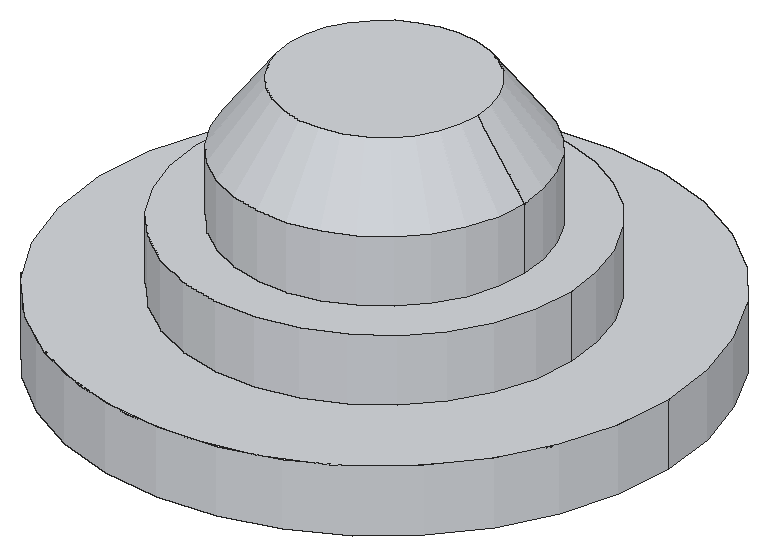
Revit family "e3c0be600a9f4881a65dd585ed76e154", category Fire Alarm Devices, host Face, Revit 2021
Family settings
  Host = Face
  Maintain Annotation Orientation = No
  Round Connector Dimension = Use Diameter
  Part Type = Normal
  OmniClass Number = 23.85.30.21.11.11
  OmniClass Title = Fire/Smoke Detectors
  Seek Item ID = 200F Heat Detector-0000-USA-ENU
  Cut with Voids When Loaded = No
  Shared = No
  Room Calculation Point = No
Parameters (values of type "Standard")
  Radius 2 = 0' - 0 3/4"
  Radius 3 = 0' - 1 1/8"
  Radius 1 = 0' - 1 1/2"
  Radius = Diameter * 0.5  # 0' - 2.2793"
  Label = "200°"
  Diameter = 0' - 4 143/256"
  Detector Material = none
  Length 3 = 0' - 0 1/2"
  Length 2 = 0' - 0 1/2"
  Length 1 = 0' - 0 1/2"
  Length = 0' - 2"
  Default Elevation = 4' - 0"
Reference planes (in)
  plane 1 "Center (Front/Back)": y = 0
  plane 2: z = 0
  plane 3 "Center (Left/Right)": x = 0
  plane 4: z = 0.5
  plane 5: z = 2
  plane 6: z = 1.5
  plane 7: z = 1
Forms (in)
  Extrusion 1, solid, material <- "Detector Material"
    sketch origin (0, 0, 0) x (1, 0, 0) y (0, 1, 0)
      loop
        circle (0, 0) r 2.2793
    from 0 to 0.5
  Extrusion 2, solid, material <- "Detector Material"
    sketch origin (0, 0, 0) x (1, 0, 0) y (0, 1, 0)
      loop
        circle (0, 0) r 1.5
    from 0.5 to 1
  Blend 3, solid, material <- "Detector Material"
    base sketch origin (0, 0, 0) x (1, 0, 0) y (0, 1, 0)
      loop
        circle (0, 0) r 1.125
    top sketch origin (0, 0, 0) x (1, 0, 0) y (0, 1, 0)
      loop
        circle (0, 0) r 0.75
    from 1.5 to 2
  Extrusion 4, solid, material <- "Detector Material"
    sketch origin (0, 0, 0) x (1, 0, 0) y (0, 1, 0)
      loop
        circle (0, 0) r 1.125
    from 1 to 1.5
Cuts and joins
  joined: Extrusion 1, Extrusion 2, Blend 3, Extrusion 4
Lines and regions (in)
  symbolic lines, detail levels fine
    curve 1: arc (-2.2793, 0, 0) -> (0, -2.2793, 0) -> (2.2793, 0, 0) r 2.2793
    curve 2: arc (2.2793, 0, 0) -> (0, 2.2793, 0) -> (-2.2793, 0, 0) r 2.2793
    curve 3: arc (1.5, 0, 0) -> (0, 1.5, 0) -> (-1.5, 0, 0) r 1.5
    curve 4: arc (-1.5, 0, 0) -> (0, -1.5, 0) -> (1.5, 0, 0) r 1.5
    curve 5: arc (-1.125, 0, 0) -> (0, -1.125, 0) -> (1.125, 0, 0) r 1.125
    curve 6: arc (1.125, 0, 0) -> (0, 1.125, 0) -> (-1.125, 0, 0) r 1.125
    curve 7: arc (0.75, 0, 0) -> (0, 0.75, 0) -> (-0.75, 0, 0) r 0.75
    curve 8: arc (-0.75, 0, 0) -> (0, -0.75, 0) -> (0.75, 0, 0) r 0.75
Dimensions and locks (in)
  "Length 1": plane 4 to level
  "Length": plane 5 to level
  "Length 2": plane 7 to plane 4
  "Length 3": plane 6 to plane 7
  "Radius": radius of Extrusion 1 sketch curve
  "Radius 1": radius of Extrusion 2 sketch curve
  "Radius 3": radius of Blend 3 sketch curve
  "Radius 2": radius of Blend 3 sketch curve
  "Radius 3": radius of Extrusion 4 sketch curve
  aligned and locked: plane 2 to host face
  aligned and locked: level to host face
  aligned and locked: Extrusion 1 to plane 2
  aligned and locked: plane 4 to Extrusion 1
  aligned and locked: Extrusion 2 to plane 4
  aligned and locked: plane 1 "Center (Front/Back)" to Blend 3 sketch curve  (x2)
  aligned and locked: plane 3 "Center (Left/Right)" to Blend 3 sketch curve  (x2)
  aligned and locked: plane 5 to Blend 3
  aligned and locked: Blend 3 to plane 6
  aligned and locked: Blend 3 to plane 5
  aligned and locked: plane 1 "Center (Front/Back)" to Extrusion 1 sketch curve
  aligned and locked: plane 3 "Center (Left/Right)" to Extrusion 1 sketch curve
  aligned and locked: plane 1 "Center (Front/Back)" to Extrusion 2 sketch curve
  aligned and locked: plane 3 "Center (Left/Right)" to Extrusion 2 sketch curve
  aligned and locked: plane 1 "Center (Front/Back)" to Extrusion 4 sketch curve
  aligned and locked: plane 3 "Center (Left/Right)" to Extrusion 4 sketch curve
  aligned and locked: plane 6 to Extrusion 4
  aligned and locked: plane 7 to cut or joined group of Extrusion 1, Extrusion 2, Blend 3, Extrusion 4  (x2)
  aligned and locked: cut or joined group of Extrusion 1, Extrusion 2, Blend 3, Extrusion 4 to plane 7
  aligned and locked: curve 1 to cut or joined group of Extrusion 1, Extrusion 2, Blend 3, Extrusion 4
  aligned and locked: curve 2 to cut or joined group of Extrusion 1, Extrusion 2, Blend 3, Extrusion 4
  aligned and locked: curve 3 to cut or joined group of Extrusion 1, Extrusion 2, Blend 3, Extrusion 4
  aligned and locked: curve 4 to cut or joined group of Extrusion 1, Extrusion 2, Blend 3, Extrusion 4
  aligned and locked: curve 5 to cut or joined group of Extrusion 1, Extrusion 2, Blend 3, Extrusion 4
  aligned and locked: curve 6 to cut or joined group of Extrusion 1, Extrusion 2, Blend 3, Extrusion 4
  aligned and locked: curve 7 to cut or joined group of Extrusion 1, Extrusion 2, Blend 3, Extrusion 4
  aligned and locked: curve 8 to cut or joined group of Extrusion 1, Extrusion 2, Blend 3, Extrusion 4
  aligned and locked: plane 1 "Center (Front/Back)" to nested 1
  aligned and locked: nested 1 to plane 3 "Center (Left/Right)"
Automatic sketch dimensions
  host sketch curve to host sketch curve = 8' - 0"  (x2)
Nested families (in)
  nested 1: "Heat Detector Annotation 1" at (0, 0, 0), type "Heat Detector Annotation 1", detail levels coarse+medium
Connectors (in)
  electrical at (0, 0, 0)
    settings: on Extrusion 1, index 1, voltage 0 V, apparent load 0 VA, apparent load phase1 0 VA, apparent load phase2 0 VA, apparent load phase3 0 VA, power factor 1, load classification "Other", number of poles 1, system type 11, power factor state 1, is connector primary yes, connector utility no, sub classification motor no, connector description ""
Definition of nested family "Heat Detector Annotation 1"
  Parameters
    Label 2 = ""
    Label 1 = "F"
  Reference planes (in)
    plane 1: y = 0
    plane 2: x = 0
  Lines and regions (in)
    reference lines
      curve 1: line (-0.59408, 0.0625, 0) -> (1.03342, 0.0625, 0)
    detail lines
      curve 2: line (0, 0.0625, 0) -> (-0.05413, 0.03125, 0)
      curve 3: line (-0.05413, 0.03125, 0) -> (-0.05413, -0.03125, 0)
      curve 4: line (-0.05413, -0.03125, 0) -> (0, -0.0625, 0)
      curve 5: line (0, -0.0625, 0) -> (0.05413, -0.03125, 0)
      curve 6: line (0.05413, -0.03125, 0) -> (0.05413, 0.03125, 0)
      curve 7: line (0.05413, 0.03125, 0) -> (0, 0.0625, 0)
  Text (in)
    label "F" at (-0.03165, -0.00372, 0), shows "Label 1"
    label "200°" at (0.05408, -0.04425, 0), shows "Label 2"
  Dimensions and locks (in)
    locked: plane 1 to curve 1 at 0.0625
